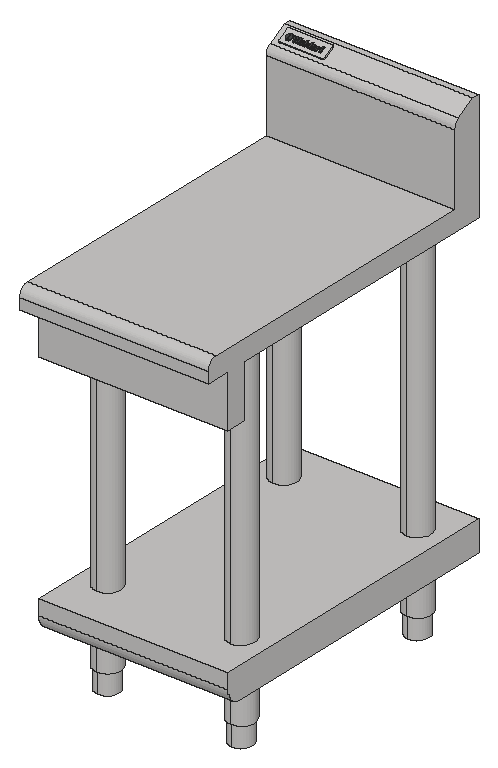
Revit family "QF_MOFFAT WALDORF_BT8450-LS", category Specialty Equipment, Revit 2012
Parameters
  Weight in Pounds = 88.1848  # constant formula
  Width [instance] = 450.00 mm  # constant formula
  URL Cutsheet = "www.moffat.com"
  URL = "www.moffat.com"
  Type Mark [instance] = ""
  Status [instance] = ""
  Specification by User [instance] = ""
  Specification by Manufacturer = ""
  Show Logo [instance] = yes
  Show Casters [instance] = no
  Serial Number = ""
  Seismic Rating = ""
  SMACNA No = ""
  Revision Code [instance] = ""
  Omniclass Number and Title = ""
  NAFEM Spec ID Number = ""
  Model = "BT8450-LS"
  Masterspec = ""
  Manufacturer = "MOFFAT WALDORF"
  Legs [instance] = not(Show Casters)  # yes
  Item Number [instance] = ""
  Installed By [instance] = ""
  Identify Quantity as Lot [instance] = yes
  Height = 1130.00 mm  # constant formula
  Furnished By [instance] = ""
  Foodservice Equipment Identifier [instance] = yes
  Description = "BENCH TOP ON LEG STAND"
  Depth [instance] = 805.00 mm  # constant formula
  CSI MasterFormat = ""
  CSI Master Format = ""
  Back Splash [instance] = 215.00 mm  # constant formula
Reference planes
  plane 1 "BACK": y = 0
  plane 2: z = 0
  plane 3 "LEFT": x = 0
  plane 4 "RIGHT": x = 450
  plane 5 "FRONT": y = -805
  plane 6 "TOP": z = 1130
  plane 7 "Center Y": x = 225
  plane 8 "Center X": y = -402.5
  plane 9 "Base Height": z = 150
  plane 10: z = 915
  plane 11: x = 65
  plane 12: x = 384
  plane 13: y = -625
  plane 14: y = -100
Forms (mm)
  Extrusion 1, solid, material "QF_Finishes_Stainless Steel"
    sketch origin (0, 0, 0) x (0, 1, 0) y (0, 0, 1)
      loop
        line (0, 222.5) -> (-749, 222.5) -> (-749, 188)
        arc (-749, 188) -> (-737.87, 161.13) -> (-711, 150) r 38
        line (-711, 150) -> (0, 150) -> (0, 222.5)
      loop
        line (-805, 891) -> (-805, 866) -> (-749, 866) -> (-749, 740) -> (-699, 740) -> (-699, 866) -> (0, 866) -> (0, 1130) -> (-16.5, 1130) -> (-58, 1106.04)
        arc (-58, 1106.04) -> (-66.785, 1097.255) -> (-70, 1085.255) r 24
        line (-70, 1085.255) -> (-70, 915) -> (-781, 915)
        arc (-781, 915) -> (-797.971, 907.971) -> (-805, 891) r 24
    from 0 to 450
  Revolve 2, solid, material "QF_Finishes_Stainless Steel", visible <- "Legs"
    sketch origin (65, -165, 0) x (0, 1, 0) y (0, 0, 1)
      loop
        line (33.25, 150) -> (33.25, 50) -> (37.5, 50) -> (37.5, 0) -> (65, 0) -> (65, 150) -> (33.25, 150)
      axis (65, 150) -> (65, 0)
    angle from 0 to 360
  Revolve 3, solid, material "QF_Finishes_Stainless Steel"
    sketch origin (65, -735, 0) x (0, 1, 0) y (0, 0, 1)
      loop
        line (78.25, 150) -> (78.25, 50) -> (82.5, 50) -> (82.5, 0) -> (110, 0) -> (110, 150) -> (78.25, 150)
      axis (110, 150) -> (110, 0)
    angle from 0 to 360
  Revolve 4, solid, material "QF_Finishes_Stainless Steel", visible <- "Legs"
    sketch origin (384, -165, 0) x (0, 1, 0) y (0, 0, -1)
      loop
        line (33.25, -150) -> (65, -150) -> (65, 0) -> (37.5, 0) -> (37.5, -50) -> (33.25, -50) -> (33.25, -150)
      axis (65, -150) -> (65, 0)
    angle from 0 to 360
  Revolve 5, solid, material "QF_Finishes_Stainless Steel"
    sketch origin (384, -735, 0) x (0, 1, 0) y (0, 0, -1)
      loop
        line (78.25, -150) -> (110, -150) -> (110, 0) -> (82.5, 0) -> (82.5, -50) -> (78.25, -50) -> (78.25, -150)
      axis (110, -150) -> (110, 0)
    angle from 0 to 360
  Extrusion 6, solid, material "QF_Finishes_Stainless Steel"
    sketch origin (0, -699, 222.5) x (0, -1, 0) y (1, 0, 0)
      loop
        circle (-599, 65) r 31.75
      loop
        circle (-599, 384) r 31.75
      loop
        circle (-74, 65) r 31.75
      loop
        circle (-74, 384) r 31.75
    from 0 to 643.5
Lines and regions (mm)
  symbolic lines
    curve 1: line (0, 0, 0) -> (0, -805, 0)
    curve 2: line (450, 0, 0) -> (0, 0, 0)
    curve 3: line (450, -805, 0) -> (450, 0, 0)
    curve 4: line (0, -70, 0) -> (450, -70, 0)
    curve 5: line (0, -805, 0) -> (450, -805, 0)
    curve 6: line (12.5, -51.234, 0) -> (12.5, -20.958, 0)
    curve 7: line (121.5, -20.958, 0) -> (121.5, -51.234, 0)
    curve 8: line (12.5, -20.958, 0) -> (121.5, -20.958, 0)
    curve 9: line (12.5, -51.234, 0) -> (121.5, -51.234, 0)
Dimensions and locks
  equal spacing: plane 3 "LEFT", plane 7 "Center Y", plane 4 "RIGHT"
  "Width": plane 3 "LEFT" to plane 4 "RIGHT"
  equal spacing: plane 5 "FRONT", plane 8 "Center X", plane 1 "BACK"
  "Depth": plane 5 "FRONT" to plane 1 "BACK"
  locked: plane 10 to level at 915
  locked: plane 9 "Base Height" to level at 150
  plane 6 "TOP" to nested 1 to nested 1 to plane 10 = 1.099 mm locked, 17.226 mm locked, 196.675 mm
  plane 13 to plane 14 = 525.00 mm
  plane 12 to plane 11 = 319.00 mm
  "Height": plane 6 "TOP" to level
  aligned and locked: level to plane 2
Automatic sketch dimensions
  Extrusion 1 sketch curve to plane 10 = 0.00 mm
  Extrusion 1 sketch curve to plane 9 "Base Height" = 0.00 mm
  Extrusion 1 sketch curve to plane 6 "TOP" = 0.00 mm
  Extrusion 1 sketch curve to Extrusion 1 sketch curve = 16.50 mm
  plane 1 "BACK" to Extrusion 1 sketch curve = 46.00 mm
  Extrusion 1 sketch curve to Extrusion 1 sketch curve = 12.00 mm
  plane 1 "BACK" to Extrusion 1 sketch curve = 70.00 mm
  plane 9 "Base Height" to Extrusion 1 sketch curve = 72.50 mm
  Extrusion 1 sketch curve to plane 5 "FRONT" = 805.00 mm
  Extrusion 1 sketch curve to Extrusion 1 sketch curve = 711.00 mm
  Extrusion 1 sketch curve to plane 10 = 49.00 mm  (x2)
  Extrusion 1 sketch curve to plane 5 "FRONT" = 56.00 mm
  Extrusion 1 sketch curve to Extrusion 1 sketch curve = 749.00 mm
  Extrusion 1 sketch curve to Extrusion 1 sketch curve = 32.00 mm
  Extrusion 1 sketch curve to Extrusion 1 sketch curve = 24.00 mm
  Extrusion 1 sketch curve to plane 10 = 175.00 mm
  Extrusion 1 sketch curve to plane 6 "TOP" = 44.745 mm
  Revolve 2 sketch curve to plane 9 "Base Height" = 0.00 mm
  Revolve 2 sketch curve to level = 0.00 mm
  level to Revolve 2 sketch curve = 50.00 mm
  plane 1 "BACK" to Revolve 2 sketch curve = 131.75 mm
  Revolve 2 sketch curve to Revolve 2 sketch curve = 4.25 mm
  Revolve 2 sketch curve to Revolve 2 sketch curve = 27.50 mm  (x2)
  Revolve 2 sketch curve to level = 55.00 mm
  Revolve 2 sketch curve to Revolve 2 sketch curve = 0.00 mm
  Revolve 3 sketch curve to plane 9 "Base Height" = 0.00 mm
  Revolve 3 sketch curve to level = 0.00 mm
  level to Revolve 3 sketch curve = 50.00 mm
  Revolve 3 sketch curve to plane 5 "FRONT" = 148.25 mm
  Revolve 3 sketch curve to Revolve 3 sketch curve = 4.25 mm
  Revolve 3 sketch curve to Revolve 3 sketch curve = 27.50 mm  (x2)
  Revolve 3 sketch curve to level = 55.00 mm
  Revolve 3 sketch curve to Revolve 3 sketch curve = 0.00 mm
  Revolve 4 sketch curve to plane 9 "Base Height" = 0.00 mm
  Revolve 4 sketch curve to level = 0.00 mm
  level to Revolve 4 sketch curve = 50.00 mm
  plane 1 "BACK" to Revolve 4 sketch curve = 131.75 mm
  Revolve 4 sketch curve to Revolve 4 sketch curve = 4.25 mm
  Revolve 4 sketch curve to Revolve 4 sketch curve = 27.50 mm  (x2)
  Revolve 4 sketch curve to Revolve 4 sketch curve = 0.00 mm
  Revolve 4 sketch curve to Revolve 4 sketch curve = 55.00 mm
  Revolve 5 sketch curve to plane 9 "Base Height" = 0.00 mm
  Revolve 5 sketch curve to level = 0.00 mm
  level to Revolve 5 sketch curve = 50.00 mm
  Revolve 5 sketch curve to plane 5 "FRONT" = 148.25 mm
  Revolve 5 sketch curve to Revolve 5 sketch curve = 4.25 mm
  Revolve 5 sketch curve to Revolve 5 sketch curve = 27.50 mm  (x2)
  Revolve 5 sketch curve to Revolve 5 sketch curve = 0.00 mm
  Revolve 5 sketch curve to Revolve 5 sketch curve = 55.00 mm
  Extrusion 1 sketch curve to Extrusion 1 sketch curve = 50.00 mm
  Extrusion 1 sketch curve to plane 1 "BACK" = 0.00 mm
  Extrusion 1 to Extrusion 6 sketch curve = 68.25 mm  (x2)
  Extrusion 6 sketch curve to Extrusion 6 sketch curve = 31.75 mm  (x4)
  Extrusion 1 to Extrusion 6 sketch curve = 65.00 mm  (x2)
  Extrusion 1 to Extrusion 6 sketch curve = 66.00 mm  (x2)
  Extrusion 1 to Extrusion 6 sketch curve = 155.75 mm  (x2)
  Extrusion 6 sketch curve to Extrusion 6 sketch curve = 0.00 mm  (x2)
  plane 1 "BACK" to curve 1 = 0.00 mm
  curve 1 to plane 3 "LEFT" = 0.00 mm
  curve 3 to plane 4 "RIGHT" = 0.00 mm
  plane 5 "FRONT" to curve 5 = 0.00 mm
  plane 3 "LEFT" to curve 6 = 12.50 mm
  plane 11 to curve 9 = 56.50 mm
  plane 14 to curve 4 = 30.00 mm
  curve 4 to curve 6 = 18.766 mm
  plane 1 "BACK" to curve 6 = 20.958 mm
Nested families
  nested 1: "WALDORF-LOGO" at (12.5, -35.273, 1102.604), visible <- "Show Logo", type "WALDORF-LOGO", detail levels medium+fine
    with Type Mark "", Status "", Specification by User "", Revision Code "", Item Number "", Installed By "", Identify Quantity as Lot yes, Furnished By "", Foodservice Equipment Identifier yes
  nested 2: "BTL8450-CB-CASTERS" at (65, -100, 0), Show Casters <- "Show Casters", visible <- "Show Casters", type "BTL8450-CB-CASTERS"
    with Type Mark "", Status "", Specification by User "", Show Casters no, Revision Code "", Item Number "", Installed By "", Identify Quantity as Lot yes, Furnished By "", Foodservice Equipment Identifier yes
  nested 3: "BTL8450-CB-CASTERS" at (384, -100, 0), Show Casters <- "Show Casters", visible <- "Show Casters", type "BTL8450-CB-CASTERS"
    with Type Mark "", Status "", Specification by User "", Show Casters no, Revision Code "", Item Number "", Installed By "", Identify Quantity as Lot yes, Furnished By "", Foodservice Equipment Identifier yes
Definition of nested family "WALDORF-LOGO"
  Parameters (values of type "BT8300-CB-LOGO")
    Weight in Pounds = 0
    URL Cutsheet = ""
    Type Mark [instance] = ""
    Status [instance] = ""
    Specification by User [instance] = ""
    Specification by Manufacturer = ""
    Show Logo [instance] = yes
    Serial Number = ""
    Seismic Rating = ""
    SMACNA No = ""
    Revision Code [instance] = ""
    Omniclass Number and Title = ""
    NAFEM Spec ID Number = ""
    Masterspec = ""
    Item Number [instance] = ""
    Installed By [instance] = ""
    Identify Quantity as Lot [instance] = yes
    Furnished By [instance] = ""
    Foodservice Equipment Identifier [instance] = yes
    CSI MasterFormat = ""
    CSI Master Format = ""
  Reference planes
    plane 1 "BACK": y = 0
    plane 2: z = 0
    plane 3 "LEFT": x = 0
    plane 4 "RIGHT": x = 109
    plane 5 "FRONT": y = -1.588
    plane 6 "TOP": z = 34.14
    plane 7 "Center Y": x = 54.5
    plane 8 "Center X": y = -0.794
  Forms (mm)
    Extrusion 1, solid, material "QF_Finishes_Stainless Steel", visible <- "Show Logo"
      sketch origin (0, -15.16, 7.701) x (1, 0, 0) y (0, 0.863373, 0.504566)
        loop
          arc (5, 34.14) -> (1.464, 32.676) -> (0, 29.14) r 5
          line (0, 29.14) -> (0, 5)
          arc (0, 5) -> (1.464, 1.464) -> (5, 0) r 5
          line (5, 0) -> (104, 0)
          arc (104, 0) -> (107.536, 1.464) -> (109, 5) r 5
          line (109, 5) -> (109, 29.14)
          arc (109, 29.14) -> (107.536, 32.676) -> (104, 34.14) r 5
          line (104, 34.14) -> (5, 34.14)
      from 0 to 1.588
    Extrusion 2, solid, material "QF_Finishes_Black", visible <- "Show Logo"
      sketch origin (0, -15.961, 9.072) x (1, 0, 0) y (0, 0.863373, 0.504566)
        loop
          line (24.772, 23.214) -> (27.992, 10.301) -> (31.551, 10.301) -> (33.443, 17.364) -> (35.205, 10.301) -> (39.332, 10.301) -> (42.077, 23.214) -> (38.352, 23.214) -> (36.676, 15.33) -> (35, 23.214) -> (31.752, 23.214) -> (30.076, 15.33) -> (28.4, 23.214) -> (24.772, 23.214)
        loop
          line (42.272, 17.055) -> (45.703, 17.055)
          spline (45.703, 17.055) -> (45.741, 17.285) -> (45.852, 17.499) -> (46.028, 17.682) -> (46.258, 17.823) -> (46.526, 17.912) -> (46.813, 17.942) -> (47.1, 17.912) -> (47.368, 17.823) -> (47.597, 17.682) -> (47.774, 17.499) -> (47.884, 17.285) -> (47.922, 17.055)
          line (47.922, 17.055) -> (47.922, 16.222)
          arc (47.922, 16.222) -> (45.742, 16.014) -> (43.665, 15.317) r 9.604
          arc (43.665, 15.317) -> (41.924, 12.809) -> (43.665, 10.301) r 2.677
          arc (43.665, 10.301) -> (45.527, 10.353) -> (47.332, 10.816) r 8.365
          line (47.332, 10.816) -> (48.092, 11.105) -> (48.092, 10.301) -> (51.817, 10.301) -> (51.817, 17.055)
          spline (51.817, 17.055) -> (51.654, 17.821) -> (51.178, 18.535) -> (50.419, 19.148) -> (49.431, 19.619) -> (48.28, 19.914) -> (47.044, 20.015) -> (45.809, 19.914) -> (44.658, 19.619) -> (43.67, 19.148) -> (42.911, 18.535) -> (42.434, 17.821) -> (42.272, 17.055)
        loop
          line (53.151, 23.214) -> (53.151, 10.301) -> (57.37, 10.301) -> (57.37, 23.214) -> (53.151, 23.214)
        loop
          line (64.874, 23.214) -> (64.874, 18.857)
          arc (64.874, 18.857) -> (58.083, 15.11) -> (64.874, 11.363) r 4.429
          line (64.874, 11.363) -> (64.874, 10.301) -> (68.378, 10.301) -> (68.378, 23.214) -> (64.874, 23.214)
        loop
          arc (64.874, 16.083) -> (61.41, 14.987) -> (64.874, 13.891) r 1.905
          line (64.874, 13.891) -> (64.874, 16.083)
        loop
          circle (74.623, 15.223) r 5
        loop
          spline (74.623, 17.856) -> (74.355, 17.766) -> (74.105, 17.503) -> (73.891, 17.084) -> (73.726, 16.539) -> (73.623, 15.904) -> (73.588, 15.223) -> (73.623, 14.541) -> (73.726, 13.906) -> (73.891, 13.361) -> (74.105, 12.942) -> (74.355, 12.679) -> (74.623, 12.59)
          spline (74.623, 12.59) -> (74.891, 12.679) -> (75.141, 12.942) -> (75.355, 13.361) -> (75.52, 13.906) -> (75.623, 14.541) -> (75.659, 15.223) -> (75.623, 15.904) -> (75.52, 16.539) -> (75.355, 17.084) -> (75.141, 17.503) -> (74.891, 17.766) -> (74.623, 17.856)
        loop
          line (81.255, 19.813) -> (81.255, 10.301) -> (84.834, 10.301) -> (84.834, 14.176)
          arc (84.834, 14.176) -> (85.854, 16.093) -> (88.013, 16.32) r 2.313
          line (88.013, 16.32) -> (88.013, 19.813) -> (87.161, 19.813)
          arc (87.161, 19.813) -> (85.526, 19.266) -> (84.549, 17.844) r 2.717
          line (84.549, 17.844) -> (84.549, 19.813) -> (81.255, 19.813)
        loop
          line (90.249, 19.813) -> (88.91, 19.813) -> (88.91, 17.614) -> (90.249, 17.614) -> (90.249, 10.301) -> (93.998, 10.301) -> (93.998, 17.614) -> (95.418, 17.614) -> (95.418, 19.813) -> (93.998, 19.813)
          arc (93.998, 19.813) -> (94.414, 20.817) -> (95.418, 21.233) r 1.42
          line (95.418, 21.233) -> (95.418, 23.602) -> (93.317, 23.602)
          arc (93.317, 23.602) -> (91.343, 22.903) -> (90.249, 21.118) r 3.137
          line (90.249, 21.118) -> (90.249, 19.813)
        loop
          arc (15.241, 23.571) -> (8.392, 16.525) -> (15.241, 9.479) r 7.049
          line (15.241, 9.479) -> (15.241, 23.571)
        loop
          line (15.641, 23.571) -> (15.641, 9.479)
          arc (15.641, 9.479) -> (22.49, 16.525) -> (15.641, 23.571) r 7.049
        loop
          arc (47.922, 14.711) -> (46.266, 13.749) -> (47.922, 12.787) r 1.107
          line (47.922, 12.787) -> (47.922, 14.711)
      from 0 to 0.2
  Dimensions and locks
    equal spacing: plane 3 "LEFT", plane 7 "Center Y", plane 4 "RIGHT"
    plane 3 "LEFT" to plane 4 "RIGHT" = 109.00 mm
    equal spacing: plane 5 "FRONT", plane 8 "Center X", plane 1 "BACK"
    plane 5 "FRONT" to plane 1 "BACK" = 1.588 mm
    aligned and locked: level to plane 2
  Automatic sketch dimensions
    Extrusion 1 sketch curve to plane 3 "LEFT" = 0.00 mm
    Extrusion 1 sketch curve to plane 4 "RIGHT" = 0.00 mm
    plane 3 "LEFT" to Extrusion 1 sketch curve = 5.00 mm  (x2)
    plane 4 "RIGHT" to Extrusion 1 sketch curve = 5.00 mm  (x2)
    Extrusion 1 sketch curve to Extrusion 1 sketch curve = 24.14 mm
    Extrusion 2 sketch curve to Extrusion 2 sketch curve = 0.00 mm  (x14)
    Extrusion 2 sketch curve to Extrusion 1 = 15.241 mm
    Extrusion 2 sketch curve to Extrusion 2 sketch curve = 0.20 mm
    Extrusion 2 sketch curve to Extrusion 2 sketch curve = 0.40 mm
    Extrusion 2 sketch curve to Extrusion 2 sketch curve = 9.131 mm
    Extrusion 2 sketch curve to Extrusion 1 = 10.301 mm  (x2)
    Extrusion 2 sketch curve to Extrusion 2 sketch curve = 12.351 mm
    Extrusion 2 sketch curve to Extrusion 2 sketch curve = 3.628 mm
    Extrusion 2 sketch curve to Extrusion 2 sketch curve = 2.084 mm
    Extrusion 2 sketch curve to Extrusion 2 sketch curve = 3.559 mm
    Extrusion 2 sketch curve to Extrusion 1 = 10.926 mm  (x2)
    Extrusion 2 sketch curve to Extrusion 2 sketch curve = 3.352 mm  (x2)
    Extrusion 2 sketch curve to Extrusion 2 sketch curve = 3.367 mm
    Extrusion 2 sketch curve to Extrusion 2 sketch curve = 3.249 mm
    Extrusion 2 sketch curve to Extrusion 2 sketch curve = 3.654 mm
    Extrusion 2 sketch curve to Extrusion 1 = 15.33 mm
    Extrusion 2 sketch curve to Extrusion 2 sketch curve = 3.233 mm
    Extrusion 2 sketch curve to Extrusion 2 sketch curve = 4.128 mm
    Extrusion 2 sketch curve to Extrusion 2 sketch curve = 3.725 mm
    Extrusion 2 sketch curve to Extrusion 2 sketch curve = 5.596 mm
    Extrusion 2 sketch curve to Extrusion 2 sketch curve = 4.333 mm
    Extrusion 2 sketch curve to Extrusion 2 sketch curve = 1.394 mm
    Extrusion 2 sketch curve to Extrusion 2 sketch curve = 2.092 mm
    Extrusion 2 sketch curve to Extrusion 2 sketch curve = 0.936 mm
    Extrusion 2 sketch curve to Extrusion 2 sketch curve = 1.34 mm
    Extrusion 2 sketch curve to Extrusion 2 sketch curve = 1.109 mm
    Extrusion 2 sketch curve to Extrusion 2 sketch curve = 0.232 mm
    Extrusion 2 sketch curve to Extrusion 2 sketch curve = 2.731 mm
    Extrusion 2 sketch curve to Extrusion 2 sketch curve = 0.549 mm  (x2)
    Extrusion 2 sketch curve to Extrusion 2 sketch curve = 0.407 mm
    Extrusion 2 sketch curve to Extrusion 2 sketch curve = 0.76 mm
    Extrusion 2 sketch curve to Extrusion 2 sketch curve = 1.334 mm
    Extrusion 2 sketch curve to Extrusion 2 sketch curve = 4.219 mm
    Extrusion 2 sketch curve to Extrusion 2 sketch curve = 5.142 mm
    Extrusion 2 sketch curve to Extrusion 2 sketch curve = 0.803 mm
    Extrusion 2 sketch curve to Extrusion 2 sketch curve = 1.558 mm
    Extrusion 2 sketch curve to Extrusion 2 sketch curve = 3.504 mm
    Extrusion 2 sketch curve to Extrusion 2 sketch curve = 6.245 mm
    Extrusion 2 sketch curve to Extrusion 2 sketch curve = 6.632 mm
    Extrusion 2 sketch curve to Extrusion 2 sketch curve = 3.294 mm
    Extrusion 2 sketch curve to Extrusion 2 sketch curve = 3.579 mm
    Extrusion 2 sketch curve to Extrusion 2 sketch curve = 2.313 mm
    Extrusion 2 sketch curve to Extrusion 2 sketch curve = 2.612 mm
    Extrusion 2 sketch curve to Extrusion 2 sketch curve = 0.852 mm
    Extrusion 2 sketch curve to Extrusion 2 sketch curve = 0.897 mm
    Extrusion 2 sketch curve to Extrusion 2 sketch curve = 3.102 mm
    Extrusion 2 sketch curve to Extrusion 2 sketch curve = 1.338 mm
    Extrusion 2 sketch curve to Extrusion 2 sketch curve = 3.068 mm
    Extrusion 2 sketch curve to Extrusion 2 sketch curve = 0.681 mm
    Extrusion 2 sketch curve to Extrusion 2 sketch curve = 3.749 mm
    Extrusion 2 sketch curve to Extrusion 2 sketch curve = 1.42 mm
    Extrusion 2 sketch curve to Extrusion 2 sketch curve = 5.029 mm  (x2)
    Extrusion 2 sketch curve to Extrusion 1 = 9.479 mm
    Extrusion 2 sketch curve to Extrusion 2 sketch curve = 3.681 mm
    Extrusion 2 sketch curve to Extrusion 2 sketch curve = 0.515 mm
    Extrusion 2 sketch curve to Extrusion 2 sketch curve = 0.804 mm
    Extrusion 2 sketch curve to Extrusion 2 sketch curve = 1.062 mm
    Extrusion 2 sketch curve to Extrusion 2 sketch curve = 1.682 mm
    Extrusion 2 sketch curve to Extrusion 2 sketch curve = 2.508 mm
    Extrusion 2 sketch curve to Extrusion 2 sketch curve = 0.962 mm
    Extrusion 2 sketch curve to Extrusion 2 sketch curve = 2.528 mm
    Extrusion 2 sketch curve to Extrusion 2 sketch curve = 3.875 mm
    Extrusion 2 sketch curve to Extrusion 2 sketch curve = 1.096 mm
    Extrusion 2 sketch curve to Extrusion 2 sketch curve = 0.123 mm
    Extrusion 2 sketch curve to Extrusion 2 sketch curve = 4.922 mm
    Extrusion 2 sketch curve to Extrusion 2 sketch curve = 7.046 mm
    Extrusion 2 sketch curve to Extrusion 2 sketch curve = 0.833 mm
    Extrusion 2 sketch curve to Extrusion 2 sketch curve = 0.776 mm
    Extrusion 2 sketch curve to Extrusion 2 sketch curve = 2.034 mm
    Extrusion 2 sketch curve to Extrusion 2 sketch curve = 7.314 mm
    Extrusion 2 sketch curve to Extrusion 2 sketch curve = 1.295 mm
    Extrusion 2 sketch curve to Extrusion 2 sketch curve = 0.749 mm
    Extrusion 2 sketch curve to Extrusion 2 sketch curve = 2.633 mm
    Extrusion 2 sketch curve to Extrusion 2 sketch curve = 2.198 mm  (x2)
    Extrusion 2 sketch curve to Extrusion 2 sketch curve = 1.968 mm
    Extrusion 2 sketch curve to Extrusion 2 sketch curve = 0.653 mm
    Extrusion 2 sketch curve to Extrusion 2 sketch curve = 1.305 mm
    Extrusion 2 sketch curve to Extrusion 2 sketch curve = 4.357 mm
    Extrusion 2 sketch curve to Extrusion 2 sketch curve = 6.159 mm
    radius of Extrusion 2 sketch curve = 5.00 mm
Definition of nested family "BTL8450-CB-CASTERS"
  Parameters (values of type "BTL8450-CB-CASTERS")
    Weight = ""
    URL Manufacturer = ""
    URL Cutsheet = ""
    URL = ""
    Type Mark [instance] = ""
    Status [instance] = ""
    Specification by User [instance] = ""
    Specification by Manufacturer = ""
    Show Casters [instance] = no
    Serial Number = ""
    Seismic Rating = ""
    SMACNA No = ""
    Revision Code [instance] = ""
    Omniclass Number and Title = ""
    NAFEM Spec ID Number = ""
    Model = ""
    MasterSpec. = ""
    Manufacturer = ""
    Item Number [instance] = ""
    Installed By [instance] = ""
    Identify Quantity as Lot [instance] = yes
    Furnished By [instance] = ""
    Foodservice Equipment Identifier [instance] = yes
    Description = ""
    CSI MasterFormat = ""
    CSI Master Format = ""
    Assembly Code = ""
  Reference planes
    plane 1: z = 0
    plane 2 "RIGHT": x = 0
    plane 3 "FRONT": y = 0
    plane 4 "TOP": z = 177.8
  Forms (mm)
    Revolve 1, solid, material "QF_Finishes_Stainless Steel", visible <- "Show Casters"
      sketch origin (0, 56.335, 0) x (0, 1, 0) y (0, 0, 1)
        loop
          line (-56.335, 152.4) -> (-56.335, 141.118) -> (-23.798, 141.118) -> (-23.798, 152.4) -> (-56.335, 152.4)
        axis (-56.335, 141.118) -> (-56.335, 152.4)
      angle from 0 to 360
    Extrusion 2, solid, material "QF_Finishes_Stainless Steel", visible <- "Show Casters"
      sketch origin (-46.049, 56.335, 0) x (0, 1, 0) y (0, 0, 1)
        loop
          line (-85.799, 141.118) -> (-85.799, 133.498) -> (-82.136, 133.498)
          arc (-82.136, 133.498) -> (-79.344, 132.328) -> (-77.146, 130.248) r 8.432
          line (-77.146, 130.248) -> (-39.502, 49.52)
          arc (-39.502, 49.52) -> (-13.784, 46.107) -> (-5.673, 70.75) r 20.32
          arc (-5.673, 70.75) -> (-7.065, 73.611) -> (-8.887, 76.22) r 20.32
          arc (-8.887, 76.22) -> (-9.399, 85.377) -> (-6.626, 94.119) r 25.4
          line (-6.626, 94.119) -> (8.003, 121.632)
          arc (8.003, 121.632) -> (-2.347, 126.31) -> (-13.34, 129.167) r 66.802
          line (-13.34, 129.167) -> (-13.765, 133.498) -> (-26.871, 133.498) -> (-26.871, 141.118) -> (-85.799, 141.118)
      from 20.058 to 22.923
    Extrusion 3, solid, material "QF_Finishes_Stainless Steel", visible <- "Show Casters"
      sketch origin (3.326, 56.335, 0) x (0, 1, 0) y (0, 0, 1)
        loop
          line (-85.799, 141.118) -> (-85.799, 133.498) -> (-82.136, 133.498)
          arc (-82.136, 133.498) -> (-79.344, 132.328) -> (-77.146, 130.248) r 8.432
          line (-77.146, 130.248) -> (-39.502, 49.52)
          arc (-39.502, 49.52) -> (-13.784, 46.107) -> (-5.673, 70.75) r 20.32
          arc (-5.673, 70.75) -> (-7.065, 73.611) -> (-8.887, 76.22) r 20.32
          arc (-8.887, 76.22) -> (-9.399, 85.377) -> (-6.626, 94.119) r 25.4
          line (-6.626, 94.119) -> (8.003, 121.632)
          arc (8.003, 121.632) -> (-2.347, 126.31) -> (-13.34, 129.167) r 66.802
          line (-13.34, 129.167) -> (-13.765, 133.498) -> (-26.871, 133.498) -> (-26.871, 141.118) -> (-85.799, 141.118)
      from 20.058 to 22.923
    Extrusion 4, solid, material "QF_Finishes_Stainless Steel", visible <- "Show Casters"
      sketch origin (-49.224, 56.335, 0) x (0, 1, 0) y (0, 0, 1)
        loop
          line (-85.799, 141.118) -> (-85.799, 133.498) -> (-82.136, 133.498) -> (-18.877, 127.964) -> (7.14, 120.01) -> (8.003, 121.632)
          arc (8.003, 121.632) -> (-2.347, 126.31) -> (-13.34, 129.167) r 66.802
          line (-13.34, 129.167) -> (-13.765, 133.498) -> (-26.871, 133.498) -> (-26.871, 141.118) -> (-85.799, 141.118)
      from 26.098 to 72.56
    Revolve 5, solid, material "QF_Finishes_Stainless Steel", visible <- "Show Casters"
      sketch origin (-49.224, 30.821, 0) x (1, 0, 0) y (0, 0, 1)
        loop
          line (14.841, 63.604) -> (83.584, 63.604) -> (83.584, 67.109) -> (82.314, 68.379) -> (80.79, 68.379) -> (80.79, 71.826) -> (68.644, 71.826) -> (68.644, 81.79) -> (65.088, 83.843) -> (61.683, 104.879) -> (65.881, 104.879) -> (65.881, 111.229) -> (65.088, 111.229) -> (65.088, 117.579)
          arc (65.088, 117.579) -> (62.298, 124.314) -> (55.563, 127.104) r 9.525
          line (55.563, 127.104) -> (42.863, 127.104)
          arc (42.863, 127.104) -> (36.127, 124.314) -> (33.338, 117.579) r 9.525
          line (33.338, 117.579) -> (33.338, 111.229) -> (32.544, 111.229) -> (32.544, 104.879) -> (36.742, 104.879) -> (33.352, 83.932) -> (29.782, 81.871) -> (29.782, 71.826) -> (17.635, 71.826) -> (17.635, 68.379) -> (16.111, 68.379) -> (14.841, 67.109) -> (14.841, 63.604)
        axis (14.841, 63.604) -> (83.584, 63.604)
      angle from 0 to 360
  Cuts and joins
    joined: Extrusion 2, Extrusion 3, Extrusion 4
  Lines and regions (mm)
    symbolic lines, style "SpecialityEquipmentHiddenLines", visible <- "Show Casters"
      curve 1: line (18.009, 67.053, 0) -> (45.595, 51.127, 0)
      curve 2: line (-45.491, -42.932, 0) -> (18.009, 67.053, 0)
      curve 3: line (-17.905, -58.859, 0) -> (-45.491, -42.932, 0)
      curve 4: line (45.595, 51.127, 0) -> (-17.905, -58.859, 0)
  Dimensions and locks
    plane 4 "TOP" to level = 177.80 mm  (x2)
    Revolve 5 sketch curve to Revolve 5 sketch curve = 63.50 mm
    aligned and locked: level to plane 1
